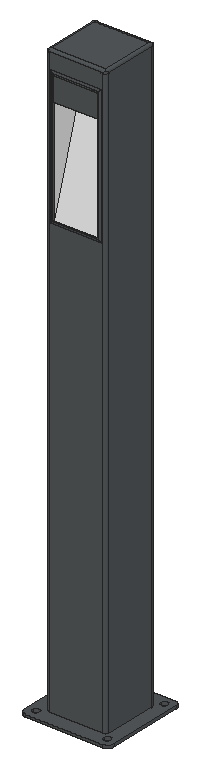
Revit family "svetilnik_alfresco_ar deko_dtu19", category Lighting Fixtures, Revit 2016 (continued)
Definition of nested family "Источник света Ар_Деко"
  Types (5, lengths in mm): name | Photometric Web File | built-in parameter 1150142
         0.2       0.2       0.2       0.2       0.2       0.2\r\n       0.2       0.2       0.2       0.2       0.2       0.2       0.2       0.2\r\n       0.2       0.2       0.2       0.2       0.2       0.2       0.2       0.2\r\n       0.2       0.2       0.2       0.2       0.2       0.2       0.2       0.2\r\n       0.2       0.2       0.2       0.2       0.2       0.2       0.2       0.2\r\n       0.2       0.2       0.2       0.2       0.2       0.2       0.2       0.2\r\n       0.2       0.2       0.2       0.2       0.2       0.2       0.2       0.2\r\n       0.2       0.2       0.2       0.2       0.2       0.2       0.2       0.2\r\n       0.2       0.2       0.2       0.2       0.2       0.2       0.2       0.2\r\n       0.2       0.2       0.2       0.2       0.2       0.2       0.2       0.2\r\n       0.2       0.1       0.1       0.1       0.1       0.1       0.1       0.1\r\n       0.1       0.1       0.0       0.0       0.0\r\n       0.0       0.0       0.0       0.0       0.1       0.1       0.1       0.1\r\n       0.2       0.2       0.2       0.2       0.2       0.2       0.2       0.2\r\n       0.2       0.2       0.2       0.2       0.2       0.2       0.2       0.2\r\n       0.2       0.2       0.2       0.2       0.2       0.2       0.2       0.2\r\n       0.2       0.2       0.2       0.2       0.2       0.2       0.2       0.2\r\n       0.2       0.2       0.2       0.2       0.2       0.2       0.2       0.2\r\n       0.2       0.2       0.2       0.2       0.2       0.2       0.2       0.2\r\n       0.2       0.2       0.2       0.2       0.2       0.2       0.2       0.2\r\n       0.2       0.2       0.2       0.2       0.2       0.2       0.2       0.2\r\n       0.2       0.2       0.2       0.2       0.2       0.2       0.2       0.2\r\n       0.2       0.2       0.2       0.2       0.2       0.2       0.2       0.2\r\n       0.2       0.2       0.2       0.2       0.2       0.2       0.2       0.2\r\n       0.2       0.2       0.2       0.2       0.2       0.2       0.2       0.2\r\n       0.2       0.2       0.2       0.2       0.2       0.2       0.2       0.2\r\n       0.2       0.2       0.2       0.2       0.2       0.2       0.2       0.2\r\n       0.2       0.2       0.2       0.2       0.2       0.2       0.2       0.2\r\n       0.2       0.2       0.2       0.2       0.2       0.2       0.2       0.2\r\n       0.2       0.2       0.2       0.2       0.2       0.2       0.2       0.2\r\n       0.2       0.2       0.2       0.2       0.2       0.2       0.2       0.2\r\n       0.2       0.2       0.2       0.2       0.2       0.2       0.2       0.2\r\n       0.2       0.2       0.2       0.2       0.2       0.2       0.2       0.2\r\n       0.2       0.1       0.1       0.1       0.1       0.1       0.1       0.1\r\n       0.1       0.1       0.0       0.0       0.0\r\n       0.0       0.0       0.0       0.0       0.0       0.1       0.1       0.1\r\n       0.2       0.2       0.2       0.2       0.2       0.2       0.2       0.2\r\n       0.2       0.2       0.2       0.2       0.2       0.2       0.2       0.2\r\n       0.2       0.2       0.2       0.2       0.2       0.2       0.2       0.2\r\n       0.2       0.2       0.2       0.2       0.2       0.2       0.2       0.2\r\n       0.2       0.2       0.2       0.2       0.2       0.2       0.2       0.2\r\n       0.2       0.2       0.2       0.2       0.2       0.2       0.2       0.2\r\n       0.2       0.2       0.2       0.2       0.2       0.2       0.2       0.2\r\n       0.2       0.2       0.2       0.2       0.2       0.2       0.2       0.2\r\n       0.2       0.2       0.2       0.2       0.2       0.2       0.2       0.2\r\n       0.2       0.2       0.2       0.2       0.2       0.2       0.2       0.2\r\n       0.2       0.2       0.2       0.2       0.2       0.2       0.2       0.2\r\n       0.2       0.2       0.2       0.2       0.2       0.2       0.2       0.2\r\n       0.2       0.2       0.2       0.2       0.2       0.2       0.2       0.2\r\n       0.2       0.2       0.2       0.2       0.2       0.2       0.2       0.2\r\n       0.2       0.2       0.2       0.2       0.2       0.2       0.2       0.2\r\n       0.2       0.2       0.2       0.2       0.2       0.2       0.2       0.2\r\n       0.2       0.2       0.2       0.2       0.2       0.2       0.2       0.2\r\n       0.2       0.2       0.2       0.2       0.2       0.2       0.2       0.2\r\n       0.2       0.2       0.2       0.2       0.2       0.2       0.2       0.2\r\n       0.2       0.2       0.2       0.2       0.2       0.2       0.2       0.2\r\n       0.2       0.1       0.1       0.1       0.1       0.1       0.1       0.1\r\n       0.1       0.1       0.0       0.0       0.0\r\n       0.0       0.0       0.0       0.0       0.0       0.1       0.1       0.1\r\n       0.2       0.2       0.2       0.2       0.2       0.2       0.2       0.2\r\n       0.2       0.2       0.2       0.2       0.2       0.2       0.2       0.2\r\n       0.2       0.2       0.2       0.2       0.2       0.2       0.2       0.2\r\n       0.2       0.2       0.2       0.2       0.2       0.2       0.2       0.2\r\n       0.2       0.2       0.2       0.2       0.2       0.2       0.2       0.2\r\n       0.2       0.2       0.2       0.2       0.2       0.2       0.2       0.2\r\n       0.2       0.2       0.2       0.2       0.2       0.2       0.2       0.2\r\n       0.2       0.2       0.2       0.2       0.2       0.2       0.2       0.2\r\n       0.2       0.2       0.2       0.2       0.2       0.2       0.2       0.2\r\n       0.2       0.2       0.2       0.2       0.2       0.2       0.2       0.2\r\n       0.2       0.2       0.2       0.2       0.2       0.2       0.2       0.2\r\n       0.2       0.2       0.2       0.2       0.2       0.2       0.2       0.2\r\n       0.2       0.2       0.2       0.2       0.2       0.2       0.2       0.2\r\n       0.2       0.2       0.2       0.2       0.2       0.2       0.2       0.2\r\n       0.2       0.2       0.2       0.2       0.2       0.2       0.2       0.2\r\n       0.2       0.2       0.2       0.2       0.2       0.2       0.2       0.2\r\n       0.2       0.2       0.2       0.2       0.2       0.2       0.2       0.2\r\n       0.2       0.2       0.2       0.2       0.2       0.2       0.2       0.2\r\n       0.2       0.2       0.2       0.2       0.2       0.2       0.2       0.2\r\n       0.2       0.2       0.2       0.2       0.2       0.2       0.2       0.2\r\n       0.2       0.1       0.1       0.1       0.1       0.1       0.1       0.1\r\n       0.1       0.1       0.0       0.0       0.0\r\n       0.0       0.0       0.0       0.0       0.0       0.1       0.1       0.1\r\n       0.2       0.2       0.2       0.2       0.2       0.2       0.2       0.2\r\n       0.2       0.2       0.2       0.2       0.2       0.2       0.2       0.2\r\n       0.2       0.2       0.2       0.2       0.2       0.2       0.2       0.2\r\n       0.2       0.2       0.2       0.2       0.2       0.2       0.2       0.2\r\n       0.2       0.2       0.2       0.2       0.2       0.2       0.2       0.2\r\n       0.2       0.2       0.2       0.3       0.2       0.2       0.2       0.2\r\n       0.2       0.2       0.2       0.2       0.2       0.2       0.2       0.2\r\n       0.2       0.2       0.2       0.2       0.2       0.2       0.2       0.2\r\n       0.2       0.2       0.2       0.2       0.2       0.2       0.2       0.2\r\n       0.2       0.2       0.2       0.2       0.2       0.2       0.2       0.2\r\n       0.2       0.2       0.2       0.2       0.2       0.2       0.2       0.2\r\n       0.2       0.2       0.2       0.2       0.2       0.2       0.2       0.2\r\n       0.2       0.2       0.2       0.2       0.2       0.2       0.2       0.2\r\n       0.2       0.2       0.2       0.2       0.2       0.2       0.2       0.2\r\n       0.2       0.2       0.2       0.2       0.2       0.2       0.2       0.2\r\n       0.2       0.2       0.2       0.2       0.2       0.2       0.2       0.2\r\n       0.2       0.2       0.2       0.2       0.2       0.2       0.2       0.2\r\n       0.2       0.2       0.2       0.2       0.2       0.2       0.2       0.2\r\n       0.2       0.2       0.2       0.2       0.2       0.2       0.2       0.2\r\n       0.2       0.2       0.2       0.2       0.2       0.2       0.2       0.2\r\n       0.2       0.2       0.1       0.1       0.1       0.1       0.1       0.1\r\n       0.1       0.1       0.0       0.0       0.0\r\n       0.0       0.0       0.0       0.0       0.0       0.1       0.1       0.1\r\n       0.2       0.2       0.2       0.2       0.2       0.2       0.2       0.2\r\n       0.2       0.2       0.2       0.2       0.2       0.2       0.2       0.2\r\n       0.2       0.2       0.2       0.2       0.2       0.2       0.2       0.2\r\n       0.2       0.2       0.2       0.2       0.2       0.2       0.2       0.2\r\n       0.2       0.2       0.2       0.2       0.2       0.2       0.2       0.2\r\n       0.2       0.2       0.2       0.2       0.2       0.2       0.2       0.2\r\n       0.2       0.2       0.2       0.2       0.2       0.2       0.2       0.2\r\n       0.2       0.2       0.2       0.2       0.2       0.2       0.2       0.2\r\n       0.2       0.2       0.2       0.2       0.2       0.2       0.2       0.2\r\n       0.2       0.2       0.2       0.2       0.2       0.2       0.2       0.2\r\n       0.2       0.2       0.2       0.2       0.2       0.2       0.2       0.2\r\n       0.2       0.2       0.2       0.2       0.2       0.2       0.2       0.2\r\n       0.2       0.2       0.2       0.2       0.2       0.2       0.2       0.2\r\n       0.2       0.2       0.2       0.2       0.2       0.2       0.2       0.2\r\n       0.2       0.2       0.2       0.2       0.2       0.2       0.2       0.2\r\n       0.2       0.2       0.2       0.2       0.2       0.2       0.2       0.2\r\n       0.2       0.2       0.2       0.2       0.2       0.2       0.2       0.2\r\n       0.2       0.2       0.2       0.2       0.2       0.2       0.2       0.2\r\n       0.2       0.2       0.2       0.2       0.2       0.2       0.2       0.2\r\n       0.2       0.2       0.2       0.2       0.2       0.2       0.2       0.2\r\n       0.2       0.2       0.1       0.1       0.1       0.1       0.1       0.1\r\n       0.1       0.0       0.0       0.0       0.0\r\n       0.0       0.0       0.0       0.0       0.0       0.1       0.1       0.1\r\n       0.2       0.2       0.2       0.2       0.2       0.2       0.2       0.2\r\n       0.2       0.2       0.2       0.2       0.2       0.2       0.2       0.2\r\n       0.2       0.2       0.2       0.2       0.2       0.2       0.2       0.2\r\n       0.2       0.2       0.2       0.2       0.2       0.2       0.2       0.2\r\n       0.2       0.2       0.2       0.2       0.2       0.2       0.2       0.2\r\n       0.2       0.2       0.2       0.2       0.2       0.2       0.2       0.2\r\n       0.2       0.2       0.2       0.2       0.2       0.2       0.2       0.2\r\n       0.2       0.2       0.2       0.2       0.2       0.2       0.2       0.2\r\n       0.2       0.2       0.2       0.2       0.2       0.2       0.2       0.2\r\n       0.2       0.2       0.2       0.2       0.2       0.2       0.2       0.2\r\n       0.2       0.2       0.2       0.2       0.2       0.2       0.2       0.2\r\n       0.2       0.2       0.2       0.2       0.2       0.2       0.2       0.2\r\n       0.2       0.2       0.2       0.2       0.2       0.2       0.2       0.2\r\n       0.2       0.2       0.2       0.2       0.2       0.2       0.2       0.2\r\n       0.2       0.2       0.2       0.2       0.2       0.2       0.2       0.2\r\n       0.2       0.2       0.2       0.2       0.2       0.2       0.2       0.2\r\n       0.2       0.2       0.2       0.2       0.2       0.2       0.2       0.2\r\n       0.2       0.2       0.2       0.2       0.2       0.2       0.2       0.2\r\n       0.2       0.2       0.2       0.2       0.2       0.2       0.2       0.2\r\n       0.2       0.2       0.2       0.2       0.2       0.2       0.2       0.2\r\n       0.2       0.2       0.1       0.1       0.1       0.1       0.1       0.1\r\n       0.1       0.0       0.0       0.0       0.0\r\n       0.0       0.0       0.0       0.0       0.0       0.0       0.1       0.1\r\n       0.2       0.2       0.2       0.2       0.2       0.2       0.2       0.2\r\n       0.2       0.2       0.2       0.2       0.2       0.2       0.2       0.2\r\n       0.2       0.2       0.2       0.2       0.2       0.2       0.2       0.2\r\n       0.2       0.2       0.2       0.2       0.2       0.2       0.2       0.2\r\n       0.2       0.2       0.2       0.2       0.2       0.2       0.2       0.3\r\n       0.2       0.2       0.2       0.2       0.2       0.2       0.2       0.2\r\n       0.2       0.2       0.2       0.2       0.2       0.2       0.2       0.2\r\n       0.2       0.2       0.2       0.2       0.2       0.2       0.2       0.2\r\n       0.2       0.2       0.2       0.2       0.2       0.2       0.2       0.2\r\n       0.2       0.2       0.2       0.2       0.2       0.2       0.2       0.2\r\n       0.2       0.2       0.2       0.2       0.2       0.2       0.2       0.2\r\n       0.2       0.2       0.2       0.2       0.2       0.2       0.2       0.2\r\n       0.2       0.2       0.2       0.2       0.2       0.2       0.2       0.2\r\n       0.2       0.2       0.2       0.2       0.2       0.2       0.2       0.2\r\n       0.2       0.2       0.2       0.2       0.2       0.2       0.2       0.2\r\n       0.2       0.2       0.2       0.2       0.2       0.2       0.2       0.2\r\n       0.2       0.2       0.2       0.2       0.2       0.2       0.2       0.2\r\n       0.2       0.2       0.2       0.2       0.2       0.2       0.2       0.2\r\n       0.2       0.2       0.2       0.2       0.2       0.2       0.2       0.2\r\n       0.2       0.2       0.2       0.2       0.2       0.2       0.2       0.2\r\n       0.2       0.2       0.1       0.1       0.1       0.1       0.1       0.1\r\n       0.1       0.0       0.0       0.0       0.0\r\n       0.0       0.0       0.0       0.0       0.0       0.0       0.1       0.1\r\n       0.2       0.2       0.2       0.2       0.2       0.2       0.2       0.2\r\n       0.2       0.2       0.2       0.2       0.2       0.2       0.2       0.2\r\n       0.2       0.2       0.2       0.2       0.2       0.2       0.2       0.2\r\n       0.2       0.2       0.2       0.2       0.2       0.2       0.2       0.2\r\n       0.2       0.2       0.2       0.2       0.2       0.2       0.2       0.4\r\n       0.3       0.2       0.2       0.2       0.2       0.2       0.2       0.2\r\n       0.2       0.2       0.2       0.2       0.2       0.2       0.2       0.2\r\n       0.2       0.2       0.2       0.2       0.2       0.2       0.2       0.2\r\n       0.2       0.2       0.2       0.2       0.2       0.2       0.2       0.2\r\n       0.2       0.2       0.2       0.2       0.2       0.2       0.2       0.2\r\n       0.2       0.2       0.2       0.2       0.2       0.2       0.2       0.2\r\n       0.2       0.2       0.2       0.2       0.2       0.2       0.2       0.2\r\n       0.2       0.2       0.2       0.2       0.2       0.2       0.2       0.2\r\n       0.2       0.2       0.2       0.2       0.2       0.2       0.2       0.2\r\n       0.2       0.2       0.2       0.2       0.2       0.2       0.2       0.2\r\n       0.2       0.2       0.2       0.2       0.2       0.2       0.2       0.2\r\n       0.2       0.2       0.2       0.2       0.2       0.2       0.2       0.2\r\n       0.2       0.2       0.2       0.2       0.2       0.2       0.2       0.2\r\n       0.2       0.2       0.2       0.2       0.2       0.2       0.2       0.2\r\n       0.2       0.2       0.2       0.2       0.2       0.2       0.2       0.2\r\n       0.2       0.2       0.1       0.1       0.1       0.1       0.1       0.1\r\n       0.0       0.0       0.0       0.0       0.0\r\n       0.0       0.0       0.0       0.0       0.0       0.0       0.0       0.1\r\n       0.2       0.2       0.2       0.2       0.2       0.2       0.2       0.2\r\n       0.2       0.2       0.2       0.2       0.2       0
      .2       0.2       0.2\r\n       0.2       0.2       0.2       0.2       0.2       0.2       0.2       0.3\r\n       0.2       0.2       0.2       0.2       0.2       0.2       0.2       0.2\r\n       0.2       0.2       0.2       0.2       0.2       0.2       0.2       0.2\r\n       0.2       0.2       0.2       0.2       0.2       0.2       0.2       0.2\r\n       0.2       0.2       0.2       0.2       0.2       0.2       0.2       0.2\r\n       0.2       0.2       0.2       0.2       0.2       0.2       0.2       0.2\r\n       0.2       0.2       0.2       0.2       0.2       0.2       0.2       0.2\r\n       0.2       0.2       0.2       0.2       0.2       0.2       0.2       0.2\r\n       0.2       0.2       0.2       0.2       0.2       0.2       0.2       0.2\r\n       0.2       0.2       0.2       0.2       0.2       0.2       0.2       0.2\r\n       0.2       0.2       0.2       0.2       0.2       0.2       0.2       0.2\r\n       0.2       0.2       0.2       0.2       0.2       0.2       0.2       0.2\r\n       0.2       0.2       0.2       0.2       0.2       0.2       0.2       0.2\r\n       0.2       0.2       0.2       0.2       0.2       0.2       0.2       0.2\r\n       0.2       0.2       0.2       0.2       0.2       0.2       0.2       0.2\r\n       0.2       0.2       0.2       0.2       0.2       0.2       0.2       0.2\r\n       0.2       0.2       0.2       0.2       0.2       0.2       0.2       0.2\r\n       0.2       0.2       0.2       0.2       0.2       0.2       0.2       0.2\r\n       0.2       0.2       0.1       0.1       0.1       0.1       0.1       0.1\r\n       0.0       0.0       0.0       0.0       0.0\r\n       0.0       0.0       0.0       0.0       0.0       0.0       0.0       0.1\r\n       0.2       0.2       0.2       0.2       0.2       0.2       0.2       0.2\r\n       0.2       0.2       0.2       0.2       0.2       0.2       0.2       0.2\r\n       0.2       0.2       0.2       0.2       0.2       0.2       0.2       0.2\r\n       0.2       0.2       0.2       0.2       0.2       0.2       0.2       0.2\r\n       0.2       0.2       0.2       0.2       0.2       0.2       0.2       0.2\r\n       0.2       0.2       0.2       0.2       0.2       0.2       0.2       0.2\r\n       0.2       0.2       0.2       0.2       0.2       0.2       0.2       0.2\r\n       0.2       0.2       0.2       0.2       0.2       0.2       0.2       0.2\r\n       0.2       0.2       0.2       0.2       0.2       0.2       0.2       0.2\r\n       0.2       0.2       0.2       0.2       0.2       0.2       0.2       0.2\r\n       0.2       0.2       0.2       0.2       0.2       0.2       0.2       0.2\r\n       0.2       0.2       0.2       0.2       0.2       0.2       0.2       0.2\r\n       0.2       0.2       0.2       0.2       0.2       0.2       0.2       0.2\r\n       0.2       0.2       0.2       0.2       0.2       0.2       0.2       0.2\r\n       0.2       0.2       0.2       0.2       0.2       0.2       0.2       0.2\r\n       0.2       0.2       0.2       0.2       0.2       0.2       0.2       0.2\r\n       0.2       0.2       0.2       0.2       0.2       0.2       0.2       0.2\r\n       0.2       0.2       0.2       0.2       0.2       0.2       0.2       0.2\r\n       0.2       0.2       0.2       0.2       0.2       0.2       0.2       0.2\r\n       0.2       0.2       0.2       0.2       0.2       0.2       0.2       0.2\r\n       0.2       0.2       0.1       0.1       0.1       0.1       0.1       0.0\r\n       0.0       0.0       0.0       0.0       0.0\r\n       0.0       0.0       0.0       0.0       0.0       0.0       0.0       0.0\r\n       0.1       0.2       0.2       0.2       0.2       0.2       0.2       0.2\r\n       0.2       0.2       0.2       0.2       0.2       0.2       0.2       0.2\r\n       0.2       0.2       0.2       0.2       0.2       0.2       0.2       0.2\r\n       0.2       0.2       0.2       0.2       0.2       0.2       0.2       0.2\r\n       0.2       0.2       0.2       0.2       0.2       0.2       0.2       0.2\r\n       0.2       0.2       0.2       0.2       0.2       0.2       0.2       0.2\r\n       0.2       0.2       0.2       0.2       0.2       0.2       0.2       0.2\r\n       0.2       0.2       0.2       0.2       0.2       0.2       0.2       0.2\r\n       0.2       0.2       0.2       0.2       0.2       0.2       0.2       0.2\r\n       0.2       0.2       0.2       0.2       0.2       0.2       0.2       0.2\r\n       0.2       0.2       0.2       0.2       0.2       0.2       0.2       0.2\r\n       0.2       0.2       0.2       0.2       0.2       0.2       0.2       0.2\r\n       0.2       0.2       0.2       0.2       0.2       0.2       0.2       0.2\r\n       0.2       0.2       0.2       0.2       0.2       0.2       0.2       0.2\r\n       0.2       0.2       0.2       0.2       0.2       0.2       0.2       0.2\r\n       0.2       0.2       0.2       0.2       0.2       0.2       0.2       0.2\r\n       0.2       0.2       0.2       0.2       0.2       0.2       0.2       0.2\r\n       0.2       0.2       0.2       0.2       0.2       0.2       0.2       0.2\r\n       0.2       0.2       0.2       0.2       0.2       0.2       0.2       0.2\r\n       0.2       0.2       0.2       0.2       0.2       0.2       0.2       0.2\r\n       0.2       0.2       0.1       0.1       0.1       0.1       0.0       0.0\r\n       0.0       0.0       0.0       0.0       0.0\r\n       0.0       0.0       0.0       0.0       0.0       0.0       0.0       0.0\r\n       0.1       0.1       0.1       0.2       0.2       0.2       0.2       0.2\r\n       0.2       0.2       0.2       0.2       0.2       0.2       0.2       0.2\r\n       0.2       0.2       0.2       0.2       0.2       0.2       0.2       0.2\r\n       0.2       0.2       0.2       0.2       0.2       0.2       0.2       0.2\r\n       0.2       0.2       0.2       0.2       0.2       0.2       0.2       0.2\r\n       0.2       0.2       0.2       0.2       0.2       0.2       0.2       0.2\r\n       0.2       0.2       0.2       0.2       0.2       0.2       0.2       0.2\r\n       0.2       0.2       0.2       0.2       0.2       0.2       0.2       0.2\r\n       0.2       0.2       0.2       0.2       0.2       0.2       0.2       0.2\r\n       0.2       0.2       0.2       0.2       0.2       0.2       0.2       0.2\r\n       0.2       0.2       0.2       0.2       0.2       0.2       0.2       0.2\r\n       0.2       0.2       0.2       0.2       0.2       0.2       0.2       0.2\r\n       0.2       0.2       0.2       0.2       0.2       0.2       0.2       0.2\r\n       0.2       0.2       0.2       0.2       0.2       0.2       0.2       0.2\r\n       0.2       0.2       0.2       0.2       0.2       0.2       0.2       0.2\r\n       0.2       0.2       0.2       0.2       0.2       0.2       0.2       0.2\r\n       0.2       0.2       0.2       0.2       0.2       0.2       0.2       0.2\r\n       0.2       0.2       0.2       0.2       0.2       0.2       0.2       0.2\r\n       0.2       0.2       0.2       0.2       0.2       0.2       0.2       0.2\r\n       0.2       0.2       0.2       0.2       0.2       0.2       0.2       0.2\r\n       0.2       0.2       0.1       0.1       0.1       0.0       0.0       0.0\r\n       0.0       0.0       0.0       0.0       0.0\r\n       0.0       0.0       0.0       0.0       0.0       0.0       0.0       0.0\r\n       0.1       0.1       0.1       0.1       0.2       0.2       0.2       0.2\r\n       0.2       0.2       0.2       0.2       0.2       0.2       0.2       0.2\r\n       0.2       0.2       0.2       0.2       0.2       0.2       0.2       0.2\r\n       0.2       0.2       0.2       0.2       0.2       0.2       0.2       0.2\r\n       0.2       0.2       0.2       0.2       0.2       0.2       0.2       0.2\r\n       0.2       0.2       0.2       0.2       0.2       0.2       0.2       0.2\r\n       0.2       0.2       0.2       0.2       0.2       0.2       0.2       0.2\r\n       0.2       0.2       0.2       0.2       0.2       0.2       0.2       0.2\r\n       0.2       0.2       0.2       0.2       0.2       0.2       0.2       0.2\r\n       0.2       0.2       0.2       0.2       0.2       0.2       0.2       0.2\r\n       0.2       0.2       0.2       0.2       0.2       0.2       0.2       0.2\r\n       0.2       0.2       0.2       0.2       0.2       0.2       0.2       0.2\r\n       0.2       0.2       0.2       0.2       0.2       0.2       0.2       0.2\r\n       0.2       0.2       0.2       0.2       0.2       0.2       0.2       0.2\r\n       0.2       0.2       0.2       0.2       0.2       0.2       0.2       0.2\r\n       0.2       0.2       0.2       0.2       0.2       0.2       0.2       0.2\r\n       0.2       0.2       0.2       0.2       0.2       0.2       0.2       0.2\r\n       0.2       0.2       0.2       0.2       0.2       0.2       0.2       0.2\r\n       0.2       0.2       0.2       0.2       0.2       0.2       0.2       0.2\r\n       0.2       0.2       0.2       0.2       0.2       0.2       0.2       0.2\r\n       0.2       0.2       0.1       0.1       0.1       0.0       0.0       0.0\r\n       0.0       0.0       0.0       0.0       0.0\r\n       0.0       0.0       0.0       0.0       0.0       0.0       0.0       0.0\r\n       0.1       0.1       0.1       0.1       0.1       0.2       0.2       0.2\r\n       0.2       0.2       0.2       0.2       0.2       0.2       0.2       0.2\r\n       0.2       0.2       0.2       0.2       0.2       0.2       0.2       0.2\r\n       0.2       0.2       0.2       0.2       0.2       0.2       0.2       0.2\r\n       0.2       0.2       0.2       0.2       0.2       0.2       0.2       0.2\r\n       0.2       0.2       0.2       0.2       0.2       0.2       0.2       0.2\r\n       0.2       0.2       0.2       0.2       0.2       0.2       0.2       0.2\r\n       0.2       0.2       0.2       0.2       0.2       0.2       0.2       0.2\r\n       0.2       0.2       0.2       0.2       0.2       0.2       0.2       0.2\r\n       0.2       0.2       0.2       0.2       0.2       0.2       0.2       0.2\r\n       0.2       0.2       0.2       0.2       0.2       0.2       0.2       0.2\r\n       0.2       0.2       0.2       0.2       0.2       0.2       0.2       0.2\r\n       0.2       0.2       0.2       0.2       0.2       0.2       0.2       0.2\r\n       0.2       0.2       0.2       0.2       0.2       0.2       0.2       0.2\r\n       0.2       0.2       0.2       0.2       0.3       0.5       0.2       0.2\r\n       0.2       0.2       0.2       0.2       0.2       0.2       0.2       0.2\r\n       0.2       0.2       0.2       0.2       0.2       0.2       0.2       0.2\r\n       0.2       0.2       0.2       0.2       0.2       0.2       0.2       0.2\r\n       0.2       0.2       0.2       0.2       0.2       0.2       0.2       0.2\r\n       0.2       0.2       0.2       0.2       0.2       0.2       0.2       0.2\r\n       0.2       0.2       0.1       0.1       0.1       0.0       0.0       0.0\r\n       0.0       0.0       0.0       0.0       0.0\r\n       0.0       0.0       0.0       0.0       0.0       0.0       0.0       0.0\r\n       0.1       0.1       0.1       0.1       0.1       0.1       0.2       0.2\r\n       0.1       0.2       0.2       0.1       0.1       0.1       0.2       0.2\r\n       0.2       0.2       0.2       0.2       0.2       0.2       0.2       0.2\r\n       0.2       0.2       0.2       0.2       0.2       0.2       0.2       0.2\r\n       0.2       0.2       0.2       0.2       0.2       0.2       0.2       0.2\r\n       0.2       0.2       0.2       0.2       0.2       0.2       0.2       0.2\r\n       0.2       0.2       0.2       0.2       0.2       0.2       0.2       0.2\r\n       0.2       0.2       0.2       0.2       0.2       0.2       0.2       0.2\r\n       0.2       0.2       0.2       0.2       0.2       0.2       0.2       0.2\r\n       0.2       0.2       0.2       0.2       0.2       0.2       0.2       0.2\r\n       0.2       0.2       0.2       0.2       0.2       0.2       0.2       0.2\r\n       0.2       0.2       0.2       0.2       0.2       0.2       0.2       0.2\r\n       0.2       0.2       0.2       0.2       0.2       0.2       0.2       0.2\r\n       0.2       0.2       0.2       0.2       0.2       0.2       0.2       0.2\r\n       0.2       0.2       0.2       0.2       0.3       0.2       0.2       0.2\r\n       0.2       0.2       0.2       0.2       0.2       0.2       0.2       0.2\r\n       0.2       0.2       0.2       0.2       0.2       0.2       0.2       0.2\r\n       0.2       0.2       0.2       0.2       0.2       0.2       0.2       0.2\r\n       0.2       0.2       0.2       0.2       0.2       0.2       0.2       0.2\r\n       0.2       0.2       0.2       0.2       0.2       0.2       0.2       0.2\r\n       0.2       0.1       0.1       0.1       0.0       0.0       0.0       0.0\r\n       0.0       0.0       0.0       0.0       0.0\r\n       0.0       0.0       0.0       0.0       0.0       0.0       0.0       0.0\r\n       0.1       0.1       0.1       0.1       0.1       0.1       0.1       0.1\r\n       0.1       0.1       0.1       0.2       0.1       0.1       0.2       0.1\r\n       0.2       0.2       0.2       0.2       0.2       0.2       0.2       0.2\r\n       0.2       0.2       0.2       0.2       0.2       0.2       0.2       0.2\r\n       0.2       0.2       0.2       0.2       0.2       0.2       0.2       0.2\r\n       0.2       0.2       0.2       0.2       0.2       0.2       0.2       0.2\r\n       0.2       0.2       0.2       0.2       0.2       0.2       0.2       0.2\r\n       0.2       0.2       0.2       0.2       0.2       0.2       0.2       0.2\r\n       0.2       0.2       0.2       0.2       0.2       0.2       0.2       0.2\r\n       0.2       0.2       0.2       0.2       0.2       0.2       0.2       0.2\r\n       0.2       0.2       0.2       0.2       0.2       0.2       0.2       0.2\r\n       0.2       0.2       0.2       0.2       0.2       0.2       0.2       0.2\r\n       0.2       0.2       0.2       0.2       0.2       0.2       0.2       0.2\r\n       0.2       0.2       0.2       0.2       0.2       0.2       0.2       0.2\r\n       0.2       0.2       0.2       0.2       0.2       0.2       0.2       0.2\r\n       0.2       0.2       0.2       0.2       0.2       0.2       0.2       0.2\r\n       0.2       0.2       0.2       0.2       0.2       0.2       0.2       0.2\r\n       0.2       0.2       0.2       0.2       0.2       0.2       0.2       0.2\r\n       0.2       0.2       0.2       0.2       0.2       0.2       0.2       0.2\r\n       0.2       0.2       0.2       0.2       0.2       0.2       0.1       0.1\r\n       0.1       0.1       0.1       0.1       0.0       0.0       0.0       0.0\r\n       0.0       0.0       0.0       0.0       0.0\r\n       0.0       0.0       0.0       0.0       0.0       0.0       0.0       0.0\r\n       0.1       0.1       0.1       0.1       0.1       0.1       0.1       0.1\r\n       0.1       0.1       0.1       0.1       0.1       0.1       0.2       0.2\r\n       0.1       0.2       0.2       0.2       0.2       0.2       0.2       0.2\r\n       0.2       0.2       0.2       0.2       0.2       0.2       0.2       0.2\r\n       0.2       0.2       0.2       0.2       0.2       0.2       0.2       0.2\r\n       0.2       0.2       0.2       0.2       0.2       0.2       0.2       0.2\r\n       0.2       0.2       0.2       0.2       0.2       0.2       0.2       0.2\r\n       0.2       0.2       0.2       0.2       0.2       0.2       0.2       0.2\r\n       0.2       0.2       0.2       0.2       0.2       0.2       0.2       0.2\r\n       0.2       0.2       0.2       0.2       0.2       0.2       0.2       0.2\r\n       0.2       0.2       0.2       0.2       0.2       0.2       0.2       0.2\r\n       0.2       0.2       0.2       0.2       0.2       0.2       0.2       0.2\r\n       0.2       0.2       0.2       0.2       0.2       0.2       0.2       0.2\r\n       0.2       0.2       0.2       0.2       0.2       0.2       0.2       0.2\r\n       0.2       0.2       0.2       0.2       0.2       0.2       0.2       0.2\r\n       0.2       0.2       0.2       0.2       0.2       0.2  
